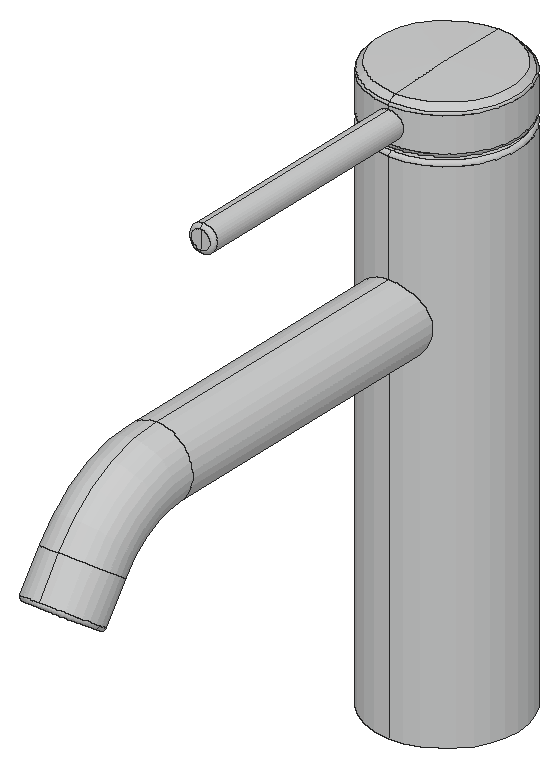
Revit family "Mixer_Basin_Abey_Poco_FaceBased", category Plumbing Fixtures, host Face, Revit 2019
Family settings
  Host = Face
  Round Connector Dimension = Use Diameter
  Part Type = Normal
  OmniClass Number = 23.31.11.00
  OmniClass Title = Faucets
  Cut with Voids When Loaded = Yes
  Shared = No
  Room Calculation Point = No
Parameters (values of type "6B1")
  Waste Connection = no
  Vent Connection = no
  Uniclass2015Version = "Products v1.28"
  Uniclass2015Title = "Washbasin taps"
  Uniclass2015Code = "Pr_40_20_87_98"
  URL = "https://www.abey.com.au/"
  Type Comments = "Chrome Finish"
  ModifiedIssue = 20230628
  Model = "6B1"
  Material = Metal_Abey_Chrome
  ManufacturerURLProductSpecific = "https://www.abey.com.au/product/bathroom/poco-basin-mixer/"
  ManufacturerSpecCode = Model  # "6B1"
  ManufacturerOverallWidth = 38 mm  # constant formula
  ManufacturerOverallHeight = 152 mm  # constant formula
  ManufacturerOverallDepth = 155 mm  # constant formula
  Manufacturer = "Abey"  # constant formula
  Keynote = ""
  IfcExportType = "FAUCET"
  IfcExportAs = "IfcValve"
  HW Connection = yes
  Description = "Poco - Basin Mixer - Chrome"
  Default Elevation = 0 mm
  CreatedBy = "IGS BIM Solutions"  # constant formula
  CreatedByURL = "https://igsgroup.com.au"
  CW Connection = yes
  Assembly Code = "C1030210"
Reference planes
  plane 1 "Front of Base": y = 48.5
  plane 2 "Bottom": z = 0
  plane 3 "Center (Left/Right)": x = 34.07
  plane 4 "Front": y = -68.5
  plane 5 "Left": x = 15.07
  plane 6 "Right": x = 53.07
  plane 7 "Top": z = 152
  plane 8 "Bottom1": z = -64
  plane 9 "Back": y = 86.5
  plane 10 "Center of Spout": y = 67.5
  plane 11 "Bottom of Knob": z = 139.5
  plane 12 "Center of Outlet": z = 99
Forms (mm)
  Extrusion 1, void
    sketch origin (0, 0, 0) x (1, 0, 0) y (0, 1, 0)
      loop
        circle (34.07, 67.5) r 19
    from 0 to -50
Text (mm)
  text "Disclaimer:\nDue to ongoing product development and manufacturing evolution, product details are subject to change without notice.\nPlease refer to product technical data sheets on the manufacturer's website for the most current product information. Please allow a +/- 5mm manufacturing tolerance for dimensions and set-outs shown in product literature." at (228.866, 127.072, 0), in view "Ref. Level_Instruction"
Dimensions and locks
  "ManufacturerOverallHeight": plane 7 "Top" to plane 2 "Bottom"
  locked: plane 2 "Bottom" to plane 8 "Bottom1" at 64
  "ManufacturerOverallDepth": plane 4 "Front" to plane 9 "Back"
  equal spacing: plane 5 "Left", plane 3 "Center (Left/Right)", plane 6 "Right"
  equal spacing: plane 1 "Front of Base", plane 10 "Center of Spout", plane 9 "Back"
  "ManufacturerOverallWidth": plane 5 "Left" to plane 6 "Right"
  plane 1 "Front of Base" to host face = 38 mm
  locked: plane 7 "Top" to plane 11 "Bottom of Knob" at 12.5
  plane 12 "Center of Outlet" to plane 2 "Bottom" = 99 mm
  aligned and locked: plane 2 "Bottom" to host face
  aligned and locked: level to host face
  aligned and locked: plane 10 "Center of Spout" to Extrusion 1 sketch curve
  aligned and locked: plane 3 "Center (Left/Right)" to Extrusion 1 sketch curve
  aligned and locked: plane 10 "Center of Spout" to nested 1
  aligned and locked: plane 3 "Center (Left/Right)" to nested 1
Automatic sketch dimensions
  host sketch curve to host sketch curve = 38 mm  (x2)
  radius of Extrusion 1 sketch curve = 19 mm
Nested families
  nested 1: "z_PlumFix_Mixer_ABEY_Poco_Basin Mixer" at (-63.951, 152.25, 0), type "6B1"
Connectors
  piping at (24.07, 67.5, -1), diameter 12.7
    settings: on nested 1, index 1, connector inside diameter 24", connector length 0 mm, flow factor 0, pipe flow 0.00 L/s, pressure drop 0 kPa, fitting loss kfactor 0, connector angle 0.00°, fixture units 0, engagement length 0 mm, angle of deflection 0.00°, flow configuration 2, flow direction 1, fitting loss method 0, system type 19, joint type 0, gender type 0, connector reference index -1, connector utility 0, adjustable connector no, is connector primary yes, connector description "Cold Water Supply"
  piping at (44.07, 67.5, -1), diameter 12.7
    settings: on nested 1, index 2, connector inside diameter 24", connector length 0 mm, flow factor 0, pipe flow 0.00 L/s, pressure drop 0 kPa, fitting loss kfactor 0, connector angle 0.00°, fixture units 0, engagement length 0 mm, angle of deflection 0.00°, flow configuration 2, flow direction 1, fitting loss method 0, system type 20, joint type 0, gender type 0, connector reference index -1, connector utility 0, adjustable connector no, is connector primary no, connector description "Cold Water Supply"
Definition of nested family "z_PlumFix_Mixer_ABEY_Poco_Basin Mixer"
  Parameters (values of type "6B1")
    Waste Connection = no
    WFU = 0
    Vent Connection = no
    URL = ""
    Type Comments = ""
    ModifiedIssue = 0
    Model = ""
    ManufacturerURLProductSpecific = ""
    ManufacturerSpecCode = ""
    ManufacturerOverallWidth = 38 mm  # constant formula
    ManufacturerOverallHeight = 152 mm  # constant formula
    ManufacturerOverallDepth = 155 mm  # constant formula
    Manufacturer = ""
    Keynote = ""
    HWFU = 0
    HW Connection = yes
    Description = ""
    Default Elevation = 0 mm
    CreatedBy = "IGS BIM Solutions"  # constant formula
    CreatedByURL = "https://igsgroup.com.au"
    Cost = 0
    CWFU = 0
    CW Connection = yes
    BodyMaterial = none
    Assembly Code = ""
  Reference planes
    plane 1 "Ref. Level": z = 0
    plane 2 "Center (Left/Right)": x = 98.02
    plane 3 "Back": y = -65.75
    plane 4 "Left": x = 79.02
    plane 5 "Front": y = -220.75
    plane 6 "Right": x = 117.02
    plane 7 "Top": z = 152
    plane 8 "Bottom": z = 0
    plane 9 "Front of Base": y = -103.75
    plane 10 "Center of Spout": y = -84.75
    plane 11 "Center of Outlet": z = 99
    plane 12 "Bottom of Knob": z = 139.5
  Forms (mm)
    Revolve 1, solid, material <- "BodyMaterial"
      sketch origin (98.02, 0, 0) x (0, 1, 0) y (0, 0, 1)
        loop
          line (-84.75, 139.5) -> (-66.75, 139.5)
          arc (-66.75, 139.5) -> (-66.043, 139.793) -> (-65.75, 140.5) r 1
          line (-65.75, 140.5) -> (-65.75, 149.586)
          arc (-65.75, 149.586) -> (-65.826, 149.968) -> (-66.043, 150.293) r 1
          line (-66.043, 150.293) -> (-67.5, 151.75)
          arc (-67.5, 151.75) -> (-76.124, 151.937) -> (-84.75, 152) r 595.25
          line (-84.75, 152) -> (-84.75, 139.5)
        axis (-84.75, 152) -> (-84.75, 139.5)
      angle from 0 to 360
    Sweep 2, solid, material <- "BodyMaterial"
      path origin (98.02, 107.527, 4000) x (0, 1, 0) y (0, 0, 1)
        loop
          line (-192.685, -3901) -> (-287.822, -3901)
          arc (-287.822, -3901) -> (-301.674, -3904.39) -> (-312.396, -3913.793) r 30
          line (-312.396, -3913.793) -> (-319.277, -3923.62)
      profile origin (98.02, -132.726, 99) x (0, 0, -1) y (1, 0, 0)
        loop
          circle (0, 0) r 9.5
    Sweep 3, void
      path origin (98.02, -211.75, 76.38) x (1, 0, 0) y (0, -0.819152, 0.573576)
        loop
          circle (0, 0) r 9.5
      profile origin (98.02, -203.968, 70.931) x (0, 0.819152, -0.573576) y (0, -0.573576, -0.819152)
        loop
          line (0, 0) -> (-1, 0)
          arc (-1, 0) -> (-0.293, -0.293) -> (0, -1) r 1
          line (0, -1) -> (0, 0)
    Revolve 4, solid, material <- "BodyMaterial"
      sketch origin (98.02, 0, 0) x (0, 1, 0) y (0, 0, 1)
        loop
          line (-84.75, 148.625) -> (-164.75, 148.625)
          arc (-164.75, 148.625) -> (-165.457, 148.332) -> (-165.75, 147.625) r 1
          line (-165.75, 147.625) -> (-165.75, 145.125) -> (-84.75, 145.125) -> (-84.75, 148.625)
        axis (-84.75, 145.125) -> (-165.75, 145.125)
      angle from 0 to 360
    Extrusion 5, solid, material <- "BodyMaterial"
      sketch origin (0, 0, 0) x (-1, 0, 0) y (0, -1, 0)
        loop
          circle (-88.02, 84.75) r 6.35
        loop
          circle (-108.02, 84.75) r 6.35
      from 0 to -1
    Revolve 6, solid, material <- "BodyMaterial"
      sketch origin (98.02, 0, 0) x (0, 1, 0) y (0, 0, 1)
        loop
          line (-84.75, 0) -> (-65.75, 0) -> (-65.75, 137.5)
          arc (-65.75, 137.5) -> (-66.043, 138.207) -> (-66.75, 138.5) r 1
          line (-66.75, 138.5) -> (-69, 138.5) -> (-70, 139.5) -> (-84.75, 139.5) -> (-84.75, 0)
        axis (-84.75, 0) -> (-84.75, 139.5)
      angle from 0 to 360
  Cuts and joins
    Sweep 3 cuts Sweep 2
    Sweep 3 cuts Revolve 6
    joined: Sweep 2, Revolve 6
    joined: Revolve 1, Revolve 4
  Lines and regions (mm)
    Masking region 1
      outline origin (0, 0, 152) x (-1, 0, 0) y (0, -1, 0)
        loop
          spline (-88.52, 212.968) -> (-88.844, 214.982) -> (-89.793, 216.859) -> (-91.303, 218.471) -> (-93.27, 219.707) -> (-95.561, 220.485) -> (-98.02, 220.75) -> (-100.479, 220.485) -> (-102.77, 219.707) -> (-104.738, 218.471) -> (-106.247, 216.859) -> (-107.196, 214.982) -> (-107.52, 212.968)
          line (-107.52, 212.968) -> (-107.52, 101.204)
          arc (-107.52, 101.204) -> (-98.02, 65.75) -> (-88.52, 101.204) r 19
          line (-88.52, 101.204) -> (-88.52, 212.968)
    Masking region 2
      outline origin (117.02, 0, 0) x (0, 1, 0) y (0, 0, 1)
        loop
          line (-103.75, 108.5) -> (-180.294, 108.5)
          arc (-180.294, 108.5) -> (-198.533, 104.037) -> (-212.651, 91.656) r 39.5
          line (-212.651, 91.656) -> (-218.958, 82.648)
          arc (-218.958, 82.648) -> (-219.124, 81.901) -> (-218.713, 81.255) r 1
          line (-218.713, 81.255) -> (-204.787, 71.505)
          arc (-204.787, 71.505) -> (-204.04, 71.339) -> (-203.394, 71.75) r 1
          line (-203.394, 71.75) -> (-197.087, 80.758)
          arc (-197.087, 80.758) -> (-189.76, 87.184) -> (-180.294, 89.5) r 20.5
          line (-180.294, 89.5) -> (-103.75, 89.5) -> (-103.75, 0) -> (-65.75, 0) -> (-65.75, 137.5)
          arc (-65.75, 137.5) -> (-66.043, 138.207) -> (-66.75, 138.5) r 1
          line (-66.75, 138.5) -> (-69, 138.5) -> (-70, 139.5) -> (-66.75, 139.5)
          arc (-66.75, 139.5) -> (-66.043, 139.793) -> (-65.75, 140.5) r 1
          line (-65.75, 140.5) -> (-65.75, 149.586)
          arc (-65.75, 149.586) -> (-65.826, 149.968) -> (-66.043, 150.293) r 1
          line (-66.043, 150.293) -> (-67.5, 151.75)
          arc (-67.5, 151.75) -> (-84.75, 152) -> (-102, 151.75) r 595.25
          line (-102, 151.75) -> (-103.457, 150.293)
          arc (-103.457, 150.293) -> (-103.674, 149.968) -> (-103.75, 149.586) r 1
          line (-103.75, 149.586) -> (-103.75, 148.625) -> (-164.75, 148.625)
          arc (-164.75, 148.625) -> (-165.457, 148.332) -> (-165.75, 147.625) r 1
          line (-165.75, 147.625) -> (-165.75, 142.625)
          arc (-165.75, 142.625) -> (-165.457, 141.918) -> (-164.75, 141.625) r 1
          line (-164.75, 141.625) -> (-103.75, 141.625) -> (-103.75, 140.5)
          arc (-103.75, 140.5) -> (-103.457, 139.793) -> (-102.75, 139.5) r 1
          line (-102.75, 139.5) -> (-99.5, 139.5) -> (-100.5, 138.5) -> (-102.75, 138.5)
          arc (-102.75, 138.5) -> (-103.457, 138.207) -> (-103.75, 137.5) r 1
          line (-103.75, 137.5) -> (-103.75, 108.5)
    Masking region 3
      outline origin (0, -220.75, 0) x (-1, 0, 0) y (0, 0, 1)
        loop
          line (-117.02, 0) -> (-79.02, 0) -> (-79.02, 137.5)
          arc (-79.02, 137.5) -> (-79.313, 138.207) -> (-80.02, 138.5) r 1
          line (-80.02, 138.5) -> (-82.27, 138.5) -> (-83.27, 139.5) -> (-80.02, 139.5)
          arc (-80.02, 139.5) -> (-79.313, 139.793) -> (-79.02, 140.5) r 1
          line (-79.02, 140.5) -> (-79.02, 150) -> (-80.77, 151.75)
          arc (-80.77, 151.75) -> (-98.02, 152) -> (-115.27, 151.75) r 595.25
          line (-115.27, 151.75) -> (-117.02, 150) -> (-117.02, 140.5)
          arc (-117.02, 140.5) -> (-116.727, 139.793) -> (-116.02, 139.5) r 1
          line (-116.02, 139.5) -> (-112.77, 139.5) -> (-113.77, 138.5) -> (-116.02, 138.5)
          arc (-116.02, 138.5) -> (-116.727, 138.207) -> (-117.02, 137.5) r 1
          line (-117.02, 137.5) -> (-117.02, 0)
    symbolic lines, detail levels fine
      curve 1: circle (98.02, -84.75, 152) r 17.25 normal (0, 0, 1)
      curve 8: line (117.02, -100.5, 138.5) -> (117.02, -69, 138.5)
      curve 11: line (117.02, -96, 151.75) -> (117.02, -73.5, 151.75)
      curve 13: line (82.27, -220.75, 138.5) -> (113.77, -220.75, 138.5)
      curve 14: circle (98.02, -220.75, 145.125) r 3.5 normal (0, -1, 0)
      curve 21: spline (98.008, -220.75, 81.32) -> (99.117, -220.75, 81.279) -> (100.207, -220.75, 81.155) -> (101.259, -220.75, 80.952) -> (102.255, -220.75, 80.671) -> (103.179, -220.75, 80.319) -> (104.014, -220.75, 79.901) -> (104.747, -220.75, 79.425) -> (105.364, -220.75, 78.898) -> (105.856, -220.75, 78.33) -> (106.213, -220.75, 77.73) -> (106.43, -220.75, 77.108) -> (106.502, -220.75, 76.476)
      curve 22: spline (106.502, -220.75, 76.476) -> (106.43, -220.75, 75.835) -> (106.213, -220.75, 75.206) -> (105.856, -220.75, 74.598) -> (105.364, -220.75, 74.023) -> (104.747, -220.75, 73.489) -> (104.014, -220.75, 73.006) -> (103.179, -220.75, 72.583) -> (102.255, -220.75, 72.227) -> (101.259, -220.75, 71.943) -> (100.207, -220.75, 71.736) -> (99.117, -220.75, 71.611) -> (98.008, -220.75, 71.569)
      curve 23: spline (98.008, -220.75, 71.569) -> (96.896, -220.75, 71.611) -> (95.803, -220.75, 71.734) -> (94.748, -220.75, 71.938) -> (93.749, -220.75, 72.218) -> (92.823, -220.75, 72.57) -> (91.985, -220.75, 72.988) -> (91.25, -220.75, 73.465) -> (90.631, -220.75, 73.991) -> (90.138, -220.75, 74.56) -> (89.78, -220.75, 75.16) -> (89.563, -220.75, 75.781) -> (89.49, -220.75, 76.414)
      curve 24: spline (89.49, -220.75, 76.414) -> (89.563, -220.75, 77.054) -> (89.78, -220.75, 77.684) -> (90.138, -220.75, 78.291) -> (90.631, -220.75, 78.867) -> (91.25, -220.75, 79.401) -> (91.985, -220.75, 79.883) -> (92.823, -220.75, 80.306) -> (93.749, -220.75, 80.663) -> (94.748, -220.75, 80.947) -> (95.803, -220.75, 81.153) -> (96.896, -220.75, 81.278) -> (98.008, -220.75, 81.32)
      curve 25: line (80.77, -220.75, 151.75) -> (115.27, -220.75, 151.75)
    symbolic lines, detail levels medium+fine
      curve 2: line (101.52, -103.425, 152) -> (101.52, -170.75, 152)
      curve 3: line (94.52, -103.425, 152) -> (94.52, -170.75, 152)
      curve 4: line (95.52, -171.75, 152) -> (100.52, -171.75, 152)
      curve 5: arc (95.52, -171.75, 152) -> (94.813, -171.457, 152) -> (94.52, -170.75, 152) r 1
      curve 6: arc (100.52, -171.75, 152) -> (101.227, -171.457, 152) -> (101.52, -170.75, 152) r 1
      curve 7: line (117.02, -99.5, 139.5) -> (117.02, -70, 139.5)
      curve 9: arc (117.02, -103.75, 108.5) -> (117.02, -101.195, 99) -> (117.02, -103.75, 89.5) r 18.942
      curve 10: arc (117.02, -103.75, 148.625) -> (117.02, -103.421, 145.125) -> (117.02, -103.75, 141.625) r 18.785
      curve 12: line (83.27, -220.75, 139.5) -> (112.77, -220.75, 139.5)
      curve 15: arc (88.52, -220.75, 99) -> (98.02, -220.75, 108.5) -> (107.52, -220.75, 99) r 9.5
      curve 16: line (88.52, -220.75, 99) -> (88.52, -220.75, 76.964)
      curve 17: line (107.52, -220.75, 99) -> (107.52, -220.75, 76.964)
      curve 18: arc (90.461, -220.75, 73.497) -> (97.961, -220.75, 71.237) -> (105.461, -220.75, 73.497) r 13.576
      curve 19: arc (105.461, -220.75, 73.497) -> (106.887, -220.75, 74.995) -> (107.52, -220.75, 76.964) r 4.638
      curve 20: arc (90.579, -220.75, 73.497) -> (89.153, -220.75, 74.995) -> (88.52, -220.75, 76.964) r 4.638
      curve 26: arc (88.52, -101.204, 152) -> (98.02, -103.75, 152) -> (107.52, -101.204, 152) r 19
  Dimensions and locks
    "ManufacturerOverallDepth": plane 5 "Front" to plane 3 "Back"
    equal spacing: plane 4 "Left", plane 2 "Center (Left/Right)", plane 6 "Right"
    "ManufacturerOverallWidth": plane 4 "Left" to plane 6 "Right"
    "ManufacturerOverallHeight": plane 7 "Top" to plane 8 "Bottom"
    plane 8 "Bottom" to plane 1 "Ref. Level" = 0 mm
    locked: plane 9 "Front of Base" to plane 3 "Back" at 38
    equal spacing: plane 9 "Front of Base", plane 10 "Center of Spout", plane 3 "Back"
    locked: plane 11 "Center of Outlet" to plane 8 "Bottom" at 99
    locked: plane 7 "Top" to plane 12 "Bottom of Knob" at 12.5
    aligned and locked: plane 7 "Top" to Revolve 1 sketch curve
    aligned and locked: plane 2 "Center (Left/Right)" to Sweep 2 sketch curve
    aligned and locked: plane 11 "Center of Outlet" to Sweep 2 sketch curve
    aligned and locked: Revolve 4 sketch curve to plane 10 "Center of Spout"
    aligned and locked: Revolve 4 sketch curve to Revolve 4 sketch curve  (x2)
    aligned and locked: Revolve 6 sketch curve to Revolve 6 sketch curve  (x2)
    aligned and locked: plane 12 "Bottom of Knob" to Revolve 6 sketch curve
    aligned and locked: Revolve 6 sketch curve to plane 8 "Bottom"
    aligned and locked: Revolve 1 sketch curve to plane 12 "Bottom of Knob"
  Automatic sketch dimensions
    Revolve 4 sketch curve to plane 7 "Top" = 3.375 mm
    Revolve 4 sketch curve to plane 5 "Front" = 56 mm
    Revolve 4 sketch curve to Revolve 4 sketch curve = 1 mm
    Revolve 4 sketch curve to Revolve 4 sketch curve = 3.5 mm
    Revolve 4 sketch curve to Revolve 4 sketch curve = 6 mm
    plane 10 "Center of Spout" to Extrusion 5 sketch curve = 0 mm  (x2)
    plane 2 "Center (Left/Right)" to Extrusion 5 sketch curve = 10 mm
    Extrusion 5 sketch curve to plane 2 "Center (Left/Right)" = 10 mm
    Sweep 3 sketch curve to profile plane = 0 mm  (x2)
    Sweep 3 sketch curve to Sweep 3 sketch curve = 0 mm
    profile plane to Sweep 3 sketch curve = 0 mm
    Sweep 3 sketch curve to Sweep 3 sketch curve = 1 mm
    Revolve 1 sketch curve to plane 7 "Top" = 0 mm
    plane 3 "Back" to Revolve 1 sketch curve = 19 mm
    Revolve 1 sketch curve to plane 7 "Top" = 0.25 mm
    Revolve 1 sketch curve to Revolve 1 sketch curve = 17.25 mm
    Revolve 1 sketch curve to Revolve 1 sketch curve = 0.75 mm
    plane 12 "Bottom of Knob" to Revolve 1 sketch curve = 1 mm
    Revolve 1 sketch curve to Revolve 1 sketch curve = 0 mm
    Revolve 1 sketch curve to plane 7 "Top" = 1.707 mm
    Revolve 1 sketch curve to Revolve 1 sketch curve = 0.293 mm
    Revolve 1 sketch curve to plane 10 "Center of Spout" = 0 mm
    Revolve 1 sketch curve to plane 12 "Bottom of Knob" = 0 mm
    Masking region 1 sketch curve to plane 2 "Center (Left/Right)" = 0 mm  (x2)
    plane 10 "Center of Spout" to Masking region 1 sketch curve = 0 mm
    Masking region 1 sketch curve to Masking region 1 sketch curve = 9.5 mm
    Masking region 1 sketch curve to plane 5 "Front" = 7.782 mm
    Masking region 1 sketch curve to plane 9 "Front of Base" = 2.546 mm
    Masking region 1 sketch curve to Masking region 1 sketch curve = 0 mm
    Sweep 2 sketch curve to plane 5 "Front" = 15.881 mm
    Sweep 2 sketch curve to Sweep 2 sketch curve = 24.575 mm
    Sweep 2 sketch curve to plane 11 "Center of Outlet" = 12.793 mm
    Sweep 2 sketch curve to plane 5 "Front" = 9 mm
    plane 10 "Center of Spout" to Sweep 2 sketch curve = 0.408 mm
    Sweep 2 sketch curve to Sweep 2 sketch curve = 9.827 mm
    Sweep 2 sketch curve to profile plane = 0 mm
    Revolve 6 sketch curve to plane 10 "Center of Spout" = 0 mm
    Revolve 6 sketch curve to plane 3 "Back" = 0 mm
    Revolve 6 sketch curve to plane 12 "Bottom of Knob" = 0 mm
    plane 3 "Back" to Revolve 6 sketch curve = 4.25 mm
    Revolve 6 sketch curve to Revolve 6 sketch curve = 1 mm
    plane 3 "Back" to Revolve 6 sketch curve = 1 mm
    Revolve 6 sketch curve to plane 12 "Bottom of Knob" = 2 mm
    curve 9 to plane 11 "Center of Outlet" = 0 mm
    curve 10 to plane 9 "Front of Base" = 0 mm  (x2)
    curve 9 to plane 9 "Front of Base" = 0 mm  (x2)
    curve 7 to plane 12 "Bottom of Knob" = 0 mm
    plane 9 "Front of Base" to curve 9 = 16.387 mm
    plane 12 "Bottom of Knob" to curve 10 = 5.625 mm
    plane 9 "Front of Base" to curve 10 = 18.456 mm
    curve 8 to plane 12 "Bottom of Knob" = 1 mm
    curve 8 to plane 9 "Front of Base" = 3.25 mm
    curve 8 to curve 7 = 1 mm
    curve 11 to plane 7 "Top" = 0.25 mm
    curve 11 to plane 9 "Front of Base" = 7.75 mm
    plane 3 "Back" to curve 11 = 7.75 mm
    plane 3 "Back" to curve 7 = 4.25 mm
    curve 7 to curve 8 = 1 mm
    curve 9 to plane 11 "Center of Outlet" = 9.5 mm
    plane 12 "Bottom of Knob" to curve 10 = 2.125 mm
    Masking region 2 sketch curve to Masking region 2 sketch curve = 0 mm  (x3)
    Masking region 2 sketch curve to plane 9 "Front of Base" = 0 mm  (x4)
    Masking region 2 sketch curve to plane 8 "Bottom" = 0 mm
    Masking region 2 sketch curve to plane 12 "Bottom of Knob" = 0 mm  (x2)
    Masking region 2 sketch curve to plane 10 "Center of Spout" = 0 mm
    Masking region 2 sketch curve to plane 3 "Back" = 0 mm  (x2)
    Masking region 2 sketch curve to plane 7 "Top" = 4.375 mm
    Masking region 2 sketch curve to plane 5 "Front" = 56 mm
    Masking region 2 sketch curve to Masking region 2 sketch curve = 1 mm  (x3)
    plane 11 "Center of Outlet" to Masking region 2 sketch curve = 9.5 mm
    Masking region 2 sketch curve to Masking region 2 sketch curve = 15.544 mm
    Masking region 2 sketch curve to plane 11 "Center of Outlet" = 18.242 mm
    Masking region 2 sketch curve to Masking region 2 sketch curve = 16.793 mm
    Masking region 2 sketch curve to Masking region 2 sketch curve = 6.308 mm
    Masking region 2 sketch curve to Masking region 2 sketch curve = 0.819 mm  (x3)
    Masking region 2 sketch curve to Masking region 2 sketch curve = 0.574 mm  (x2)
    Masking region 2 sketch curve to plane 5 "Front" = 8.099 mm
    Masking region 2 sketch curve to plane 5 "Front" = 2.611 mm
    Masking region 2 sketch curve to plane 9 "Front of Base" = 0.293 mm
    Masking region 2 sketch curve to plane 9 "Front of Base" = 1 mm  (x2)
    Masking region 2 sketch curve to Masking region 2 sketch curve = 0.707 mm
    Masking region 2 sketch curve to plane 7 "Top" = 0.25 mm  (x2)
    Masking region 2 sketch curve to plane 9 "Front of Base" = 1.75 mm
    Masking region 2 sketch curve to plane 12 "Bottom of Knob" = 1 mm
    Masking region 2 sketch curve to Masking region 2 sketch curve = 2.25 mm
    plane 3 "Back" to Masking region 2 sketch curve = 4.25 mm
    plane 3 "Back" to Masking region 2 sketch curve = 1 mm  (x3)
    plane 3 "Back" to Masking region 2 sketch curve = 0.293 mm
    Masking region 2 sketch curve to plane 8 "Bottom" = 443.25 mm
    Masking region 2 sketch curve to Masking region 2 sketch curve = 11.758 mm
    Masking region 2 sketch curve to Masking region 2 sketch curve = 9.254 mm
    Masking region 2 sketch curve to Masking region 2 sketch curve = 0.246 mm
    Masking region 2 sketch curve to Masking region 2 sketch curve = 10.401 mm
    Masking region 2 sketch curve to plane 12 "Bottom of Knob" = 2 mm
    plane 12 "Bottom of Knob" to Masking region 2 sketch curve = 2.125 mm
    Masking region 2 sketch curve to Masking region 2 sketch curve = 0.961 mm
    Masking region 2 sketch curve to plane 7 "Top" = 2.414 mm
    Masking region 3 sketch curve to plane 6 "Right" = 0 mm  (x2)
    Masking region 3 sketch curve to plane 12 "Bottom of Knob" = 0 mm  (x2)
    Masking region 3 sketch curve to plane 2 "Center (Left/Right)" = 0 mm
    Masking region 3 sketch curve to plane 4 "Left" = 0 mm  (x2)
    Masking region 3 sketch curve to plane 8 "Bottom" = 0 mm
    Masking region 3 sketch curve to plane 6 "Right" = 1 mm  (x2)
    Masking region 3 sketch curve to plane 12 "Bottom of Knob" = 1 mm
    Masking region 3 sketch curve to Masking region 3 sketch curve = 2.25 mm
    Masking region 3 sketch curve to Masking region 3 sketch curve = 1 mm  (x2)
    plane 4 "Left" to Masking region 3 sketch curve = 4.25 mm
    plane 4 "Left" to Masking region 3 sketch curve = 1 mm
    Masking region 3 sketch curve to Masking region 3 sketch curve = 0 mm
    Masking region 3 sketch curve to plane 8 "Bottom" = 443.25 mm
    Masking region 3 sketch curve to Masking region 3 sketch curve = 2 mm
    Masking region 3 sketch curve to plane 7 "Top" = 2 mm  (x2)
    Masking region 3 sketch curve to plane 7 "Top" = 0.25 mm  (x2)
    Masking region 3 sketch curve to plane 6 "Right" = 1.75 mm
    curve 12 to plane 12 "Bottom of Knob" = 0 mm
    curve 17 to plane 11 "Center of Outlet" = 0 mm
    curve 14 to plane 2 "Center (Left/Right)" = 0 mm
    curve 15 to plane 2 "Center (Left/Right)" = 0 mm
    curve 19 to plane 2 "Center (Left/Right)" = 4.879 mm
    curve 17 to curve 19 = 4.621 mm
    plane 2 "Center (Left/Right)" to curve 18 = 0.059 mm
    curve 20 to curve 20 = 4.621 mm
    plane 11 "Center of Outlet" to curve 18 = 14.187 mm
    curve 19 to curve 18 = 7.45 mm
    curve 20 to curve 18 = 7.45 mm
    curve 17 to curve 19 = 0.399 mm
    curve 16 to curve 20 = 0.399 mm
    curve 14 to plane 12 "Bottom of Knob" = 5.625 mm
    curve 18 to curve 19 = 0 mm
    curve 17 to curve 22 = 1.018 mm
    curve 23 to curve 21 = 0.024 mm
    plane 6 "Right" to curve 12 = 4.25 mm
    curve 13 to curve 12 = 1 mm
    plane 7 "Top" to curve 25 = 0.25 mm
    plane 6 "Right" to curve 25 = 1.75 mm
    plane 2 "Center (Left/Right)" to curve 23 = 0.012 mm
    curve 23 to curve 24 = 0 mm
    curve 20 to curve 24 = 1.089 mm
    curve 20 to curve 18 = 0.118 mm
    curve 12 to plane 4 "Left" = 4.25 mm
    curve 12 to curve 13 = 1 mm
    curve 25 to plane 4 "Left" = 1.75 mm
    curve 24 to curve 18 = 3.493 mm
    curve 24 to curve 21 = 0.062 mm
    plane 12 "Bottom of Knob" to curve 13 = 1 mm
    curve 1 to curve 26 = 0 mm  (x2)
    curve 1 to plane 2 "Center (Left/Right)" = 0 mm
    plane 10 "Center of Spout" to curve 1 = 0 mm
    curve 2 to curve 6 = 1 mm
    curve 5 to plane 2 "Center (Left/Right)" = 2.5 mm
    curve 5 to curve 3 = 1 mm
    curve 3 to plane 5 "Front" = 50 mm
    curve 26 to plane 9 "Front of Base" = 2.546 mm  (x2)
    curve 2 to plane 9 "Front of Base" = 0.325 mm
    curve 3 to plane 9 "Front of Base" = 0.325 mm
    curve 23 to curve 17 = 0.551 mm
    curve 23 to curve 23 = 4.844 mm
    radius of Extrusion 5 sketch curve = 6.35 mm  (x2)
    radius of Sweep 2 sketch curve = 9.5 mm
    radius of curve 14 = 3.5 mm
    radius of curve 1 = 17.25 mm
